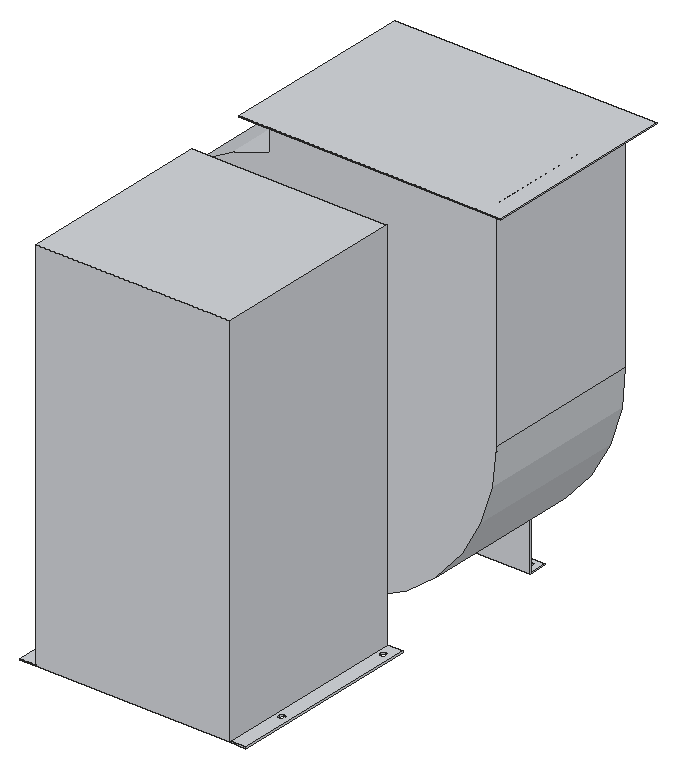
Revit family "CPFB_CCW_UBD", category Mechanical Equipment, Revit 2019
Family settings
  Round Connector Dimension = Use Radius
  Part Type = Normal
  Work Plane-Based = No
  Always vertical = Yes
  Cut with Voids When Loaded = No
  Shared = No
  Room Calculation Point = No
Parameters (values of type "250-CPFB_CCW_UBD")
  Z = 0' - 10 1/2"
  Y = 1' - 0 3/8"
  X = 2' - 7"
  W+M = W + M  # 1' - 11 1/8"
  W+1.5+K+L = W + 0' 1 1/2" + K + L  # 3' - 7 3/16"
  W+1.5 = W + 0' 1 1/2"  # 0' - 6 1/2"
  W = 0' - 5"
  V = 0' - 11 1/2"
  Unit Weight [instance] = ""
  U-.125 = U - 0' 0 1/8"  # 0' - 2"
  U = 0' - 2 1/8"
  T = 0' - 1"
  Sones [instance] = ""
  S/2 = S / 2  # 0' - 0 11/32"
  S = 0' - 0 11/16"
  R = 0' - 1"
  Q = 0' - 4"
  P-U = P - U  # 4' - 1 1/4"
  P = 4' - 3 3/8"
  N = 1' - 9 1/16"
  Motor RPM [instance] = ""
  Motor Enclosure [instance] = ""
  ModelID [instance] = ""
  M = 1' - 6 1/8"
  LwA [instance] = ""
  L = 1' - 9 11/16"
  K = 1' - 3"
  J = 1' - 11"
  H = 3' - 8 5/8"
  G-V = G - V  # 0' - 1 7/8"
  G = 1' - 1 3/8"
  Fan RPM [instance] = ""
  F-.125 = F - 0' 0 1/8"  # 1' - 7 3/4"
  F = 1' - 7 7/8"
  E-U = E - U  # 3' - 8 3/8"
  E-B-U = 3' - 1 5/16"
  E = 3' - 10 1/2"
  D = 2' - 5 5/8"
  C/8*7 = C / 8 * 2.5  # 0' - 9 51/256"
  C/8 = C / 6  # 0' - 4 29/32"
  C/2 = C / 2  # 1' - 2 23/32"
  C = 2' - 5 7/16"
  Brake Hp [instance] = ""
  B = 2' - 2 13/16"
  Accessories [instance] = ""
  A+.25 = A + 0' 0 1/4"  # 1' - 7"
  A = 1' - 6 3/4"
  CUT = 0' - 2"
  4" = 0' - 4"  # constant formula
  1'8" = 1' - 8"  # constant formula
  0 = 0' - 0"  # constant formula
  Voltage [instance] = 0 V
  URL = "www.lorencook.com"
  Type Comments = "Foward Curved Centrifugal Blower Counter-Clockwise Upblast Arrangement 10"  # constant formula
  Static Pressure [instance] = 0.00 in-wg
  Power [instance] = Voltage * Motor FLA * sqrt(if(Phase = 3, 3, 1))  # 0 VA
  Phase [instance] = 0
  Number of Poles [instance] = 1
  Motor Hp [instance] = "0"
  Motor FLA [instance] = 0 A
  Model = "CPFB_CCW_UBD"  # constant formula
  Manufacturer = "Loren Cook Company"
  CFM [instance] = 0 CFM
  1.5 = 0' - 1 1/2"  # constant formula
  ONE EIGTH = 0' - 0 1/8"  # constant formula
  -1.5 = -0' - 1 1/2"  # constant formula
  -.125 = -0' - 0 1/8"  # constant formula
  -(A+.25) = -(A + 0' 0 1/4")  # -1' - 7"
  (C/2)-1.5 = (C / 2) - 0' 1 1/2"  # 1' - 1 7/32"
  (C/2)-.25 = (C / 2) - 0' 0 1/4"  # 1' - 2 15/32"
Types (9): name | Z | Y | X | W+M | W+1.5+K+L | W+1.5 | W | V | U-.125 | U | T | S/2 | S | R | Q | P-U | P | N | M | L | K | J | H | G-V | G | F-.125 | F | E-U | E | D | C/8*7 | C/8 | C/2 | C | B | A+.25 | A | CUT | -(A+.25) | (C/2)-1.5 | (C/2)-.25
  (no name) | 0' - 10 1/2" | 1' - 0 3/8" | 2' - 7" | 1' - 11 1/8" | 3' - 7 3/16" | 0' - 6 1/2" | 0' - 5" | 0' - 11 1/2" | 0' - 2" | 0' - 2 1/8" | 0' - 1" | 0' - 0 11/32" | 0' - 0 11/16" | 0' - 1" | 0' - 4" | 4' - 1 1/4" | 4' - 3 3/8" | 1' - 9 1/16" | 1' - 6 1/8" | 1' - 9 11/16" | 1' - 3" | 1' - 11" | 3' - 8 5/8" | 0' - 1 7/8" | 1' - 1 3/8" | 1' - 7 3/4" | 1' - 7 7/8" | 3' - 8 3/8" | 3' - 10 1/2" | 2' - 5 5/8" | 0' - 9 51/256" | 0' - 4 29/32" | 1' - 2 23/32" | 2' - 5 7/16" | 2' - 2 13/16" | 1' - 7" | 1' - 6 3/4" | 0' - 2" | -1' - 7" | 1' - 1 7/32" | 1' - 2 15/32"
  150-CPFB_CCW_UBD | 0' - 6 9/16" | 0' - 8 5/8" | 1' - 7 5/8" | 1' - 7 1/8" | 2' - 7 5/8" | 0' - 5 1/2" | 0' - 4" | 0' - 8" | 0' - 1 1/2" | 0' - 1 5/8" | 0' - 0 3/4" | 0' - 0 9/32" | 0' - 0 9/16" | 0' - 0 3/4" | 0' - 3" | 2' - 8 3/4" | 2' - 10 3/8" | 1' - 1 1/4" | 1' - 3 1/8" | 1' - 2 1/8" | 1' - 0" | 1' - 2 5/8" | 2' - 5 1/16" | 0' - 1 3/8" | 0' - 9 3/8" | 1' - 0 1/16" | 1' - 0 3/16" | 2' - 2 7/8" | 2' - 4 1/2" | 1' - 7 1/16" | 0' - 5 125/128" | 0' - 3 3/16" | 0' - 9 9/16" | 1' - 7 1/8" | 1' - 4 7/16" | 0' - 11 11/16" | 0' - 11 7/16" | 0' - 2" | -0' - 11 11/16" | 0' - 8 1/16" | 0' - 9 5/16"
  180-CPFB_CCW_UBD | 0' - 7 3/4" | 0' - 9 5/8" | 1' - 10 7/8" | 1' - 7 1/8" | 2' - 9 15/16" | 0' - 5 1/2" | 0' - 4" | 0' - 9" | 0' - 1 1/2" | 0' - 1 5/8" | 0' - 0 3/4" | 0' - 0 9/32" | 0' - 0 9/16" | 0' - 1" | 0' - 3" | 3' - 2 1/16" | 3' - 3 11/16" | 1' - 3 9/16" | 1' - 3 1/8" | 1' - 4 7/16" | 1' - 0" | 1' - 4 15/16" | 2' - 9 9/16" | 0' - 1 3/8" | 0' - 10 3/8" | 1' - 2 1/2" | 1' - 2 5/8" | 2' - 8 9/16" | 2' - 10 3/16" | 1' - 10 1/16" | 0' - 7 23/256" | 0' - 3 25/32" | 0' - 11 11/32" | 1' - 10 11/16" | 1' - 7 11/16" | 1' - 2" | 1' - 1 3/4" | 0' - 2" | -1' - 2" | 0' - 9 27/32" | 0' - 11 3/32"
  220-CPFB_CCW_UBD | 0' - 9 7/16" | 0' - 11 1/8" | 2' - 3 13/16" | 1' - 11 1/8" | 3' - 5 3/8" | 0' - 6 1/2" | 0' - 5" | 0' - 10 1/2" | 0' - 1 1/2" | 0' - 1 5/8" | 0' - 0 3/4" | 0' - 0 9/32" | 0' - 0 9/16" | 0' - 1" | 0' - 4" | 3' - 10" | 3' - 11 5/8" | 1' - 7" | 1' - 6 1/8" | 1' - 7 7/8" | 1' - 3" | 1' - 8 7/16" | 3' - 5" | 0' - 1 3/8" | 0' - 11 7/8" | 1' - 6 3/16" | 1' - 6 5/16" | 3' - 5 1/8" | 3' - 6 3/4" | 2' - 3" | 0' - 8 147/256" | 0' - 4.57292" | 1' - 1 23/32" | 2' - 3 7/16" | 2' - 0 5/8" | 1' - 5 7/16" | 1' - 5 3/16" | 0' - 2" | -1' - 5 7/16" | 1' - 0 7/32" | 1' - 1 15/32"
  250-CPFB_CCW_UBD | 0' - 10 1/2" | 1' - 0 3/8" | 2' - 7" | 1' - 11 1/8" | 3' - 7 3/16" | 0' - 6 1/2" | 0' - 5" | 0' - 11 1/2" | 0' - 2" | 0' - 2 1/8" | 0' - 1" | 0' - 0 11/32" | 0' - 0 11/16" | 0' - 1" | 0' - 4" | 4' - 1 1/4" | 4' - 3 3/8" | 1' - 9 1/16" | 1' - 6 1/8" | 1' - 9 11/16" | 1' - 3" | 1' - 11" | 3' - 8 5/8" | 0' - 1 7/8" | 1' - 1 3/8" | 1' - 7 3/4" | 1' - 7 7/8" | 3' - 8 3/8" | 3' - 10 1/2" | 2' - 5 5/8" | 0' - 9 51/256" | 0' - 4 29/32" | 1' - 2 23/32" | 2' - 5 7/16" | 2' - 2 13/16" | 1' - 7" | 1' - 6 3/4" | 0' - 2" | -1' - 7" | 1' - 1 7/32" | 1' - 2 15/32"
  270-CPFB_CCW_UBD | 0' - 11 7/16" | 1' - 1 3/8" | 2' - 9 3/4" | 2' - 2 1/8" | 4' - 0 1/16" | 0' - 6 1/2" | 0' - 5" | 1' - 0 1/2" | 0' - 2" | 0' - 2 1/8" | 0' - 1" | 0' - 0 11/32" | 0' - 0 11/16" | 0' - 1" | 0' - 4" | 4' - 5 5/8" | 4' - 7 3/4" | 1' - 10 15/16" | 1' - 9 1/8" | 1' - 11 9/16" | 1' - 6" | 2' - 0 7/8" | 4' - 0 7/8" | 0' - 1 7/8" | 1' - 2 3/8" | 1' - 9 15/16" | 1' - 10 1/16" | 4' - 1 3/16" | 4' - 3 5/16" | 2' - 8 3/8" | 0' - 9 251/256" | 0' - 5.32292" | 1' - 3 31/32" | 2' - 7 15/16" | 2' - 5 9/16" | 1' - 8 7/8" | 1' - 8 5/8" | 0' - 2 1/4" | -1' - 8 7/8" | 1' - 2 15/32" | 1' - 3 23/32"
  300-CPFB_CCW_UBD | 1' - 0 5/8" | 1' - 2 5/16" | 3' - 1" | 2' - 2 3/16" | 4' - 2 1/2" | 0' - 6 1/2" | 0' - 5" | 1' - 1 1/2" | 0' - 2" | 0' - 2 1/8" | 0' - 1" | 0' - 0 11/32" | 0' - 0 11/16" | 0' - 1 3/16" | 0' - 4" | 4' - 11 3/8" | 5' - 1 1/2" | 2' - 1 5/16" | 1' - 9 3/16" | 2' - 2" | 1' - 6" | 2' - 3 3/16" | 4' - 5 5/8" | 0' - 1 13/16" | 1' - 3 5/16" | 2' - 0 1/4" | 2' - 0 3/8" | 4' - 6 7/8" | 4' - 9" | 2' - 11 5/8" | 0' - 10 235/256" | 0' - 5.82292" | 1' - 5 15/32" | 2' - 10 15/16" | 2' - 8 13/16" | 1' - 11 3/16" | 1' - 10 15/16" | 0' - 2 1/2" | -1' - 11 3/16" | 1' - 3 31/32" | 1' - 5 7/32"
  120-CPFB_CCW_UBD | 0' - 5 7/16" | 0' - 8 5/8" | 1' - 4 5/16" | 1' - 5 1/8" | 2' - 3 3/8" | 0' - 5 1/2" | 0' - 4" | 0' - 8" | 0' - 1 1/2" | 0' - 1 5/8" | 0' - 0 3/4" | 0' - 0 9/32" | 0' - 0 9/16" | 0' - 0 3/4" | 0' - 3" | 2' - 5 3/4" | 2' - 7 3/8" | 0' - 11" | 1' - 1 1/8" | 0' - 11 7/8" | 0' - 10" | 1' - 0 3/8" | 2' - 2 1/4" | 0' - 1 3/8" | 0' - 9 3/8" | 0' - 9 5/8" | 0' - 9 3/4" | 1' - 9 3/16" | 1' - 10 13/16" | 1' - 6" | 0' - 5 5/128" | 0' - 2 11/16" | 0' - 8 1/16" | 1' - 4 1/8" | 1' - 1 1/8" | 0' - 9 7/16" | 0' - 9 3/16" | 0' - 2 1/2" | -0' - 9 7/16" | 0' - 6 9/16" | 0' - 7 13/16"
  100-CPFB_CCW_UBD | 0' - 4 5/8" | 0' - 8 5/8" | 1' - 2 1/16" | 1' - 5 1/8" | 2' - 1 3/4" | 0' - 5 1/2" | 0' - 4" | 0' - 8" | 0' - 1 1/2" | 0' - 1 5/8" | 0' - 0 3/4" | 0' - 0 9/32" | 0' - 0 9/16" | 0' - 0 3/4" | 0' - 3" | 2' - 5 1/8" | 2' - 6 3/4" | 0' - 9 3/8" | 1' - 1 1/8" | 0' - 10 1/4" | 0' - 10" | 0' - 10 3/4" | 2' - 1 1/4" | 0' - 1 3/8" | 0' - 9 3/8" | 0' - 8" | 0' - 8 1/8" | 1' - 5 3/8" | 1' - 7" | 1' - 6" | 0' - 4 53/128" | 0' - 2.35417" | 0' - 7 1/16" | 1' - 2 1/8" | 0' - 10 15/16" | 0' - 7 13/16" | 0' - 7 9/16" | 0' - 3 1/2" | -0' - 7 13/16" | 0' - 5 9/16" | 0' - 6 13/16"
Reference planes (in)
  plane 1 "Center (Front/Back)": y = 0
  plane 2: z = 0
  plane 3 "Center (Left/Right)": x = 0.40541
Forms (in)
  Extrusion 1, solid
    sketch origin (0, 0, 0) x (1, 0, 0) y (0, 1, 0)
      loop
        line (-11.09459, 0) -> (-11.09459, -23.125) -> (11.90541, -23.125) -> (11.90541, 0) -> (-11.09459, 0)
    from 0 to 44.625 <- "H"
  Extrusion 2, solid
    sketch origin (0, 0, 0) x (1, 0, 0) y (0, 1, 0)
      loop
        line (-11.09459, 0) -> (-12.96959, 0) -> (-12.96959, -23.125) -> (-11.09459, -23.125) -> (-11.09459, 0)
      loop
        line (11.90541, 0) -> (11.90541, -23.125) -> (13.78041, -23.125) -> (13.78041, 0) -> (11.90541, 0)
    from 0 to 0.125 <- "ONE EIGTH"
  Extrusion 3, solid
    sketch origin (0, 0, 0) x (1, 0, 0) y (0, 1, 0)
      loop
        line (-12.96959, 21.0625) -> (-12.96959, 19) -> (13.78041, 19) -> (13.78041, 21.0625) -> (-12.96959, 21.0625)
    from 0 to 0.125 <- "ONE EIGTH"
  Extrusion 4, solid
    sketch origin (13.78041, 19, 0) x (-1, 0, 0) y (0, 0, -1)
      loop
        line (26.75, 0) -> (0, 0) -> (0, -29.625) -> (26.75, -29.625) -> (26.75, 0)
    from 0 to 0.125 <- "ONE EIGTH"
  Extrusion 5, void
    sketch origin (13.78041, 19, 0) x (1, 0, 0) y (0, 0, -1)
      loop
        circle (-13.375, -29.625) r 14.71875
    from -0.125 <- "-.125" to 0 <- "0"
  Extrusion 6, void
    sketch origin (0, 0, 0) x (1, 0, 0) y (0, 1, 0)
      loop
        circle (12.78041, -1.625) r 0.34375
      loop
        circle (12.78041, -16.625) r 0.34375
      loop
        circle (-11.96959, -16.625) r 0.34375
      loop
        circle (-11.96959, -1.625) r 0.34375
    from -12 to 12
  Extrusion 7, void
    sketch origin (0, 0, 0) x (1, 0, 0) y (0, 1, 0)
      loop
        circle (12.78041, 20.0625) r 0.34375
      loop
        circle (-11.96959, 20.0625) r 0.34375
    from -0.125 <- "-.125" to 0.125 <- "ONE EIGTH"
  Extrusion 8, solid
    sketch origin (13.78041, 18.875, 0) x (-1, 0, 0) y (0, 0, -1)
      loop
        circle (13.375, -29.625) r 14.71875
      loop
        circle (13.375, -29.625) r 14.46875
    from 0 to -1.5 <- "-1.5"
  Extrusion 9, solid
    sketch origin (0, 0, 0) x (1, 0, 0) y (0, 0, 1)
      loop
        arc (-1.90709, 47.375) -> (-11.24038, 8.42812) -> (24.90541, 25.6749) r 22.1875
        line (24.90541, 25.6749) -> (24.90541, 51.375) -> (-1.90709, 51.375) -> (-1.90709, 47.375)
    from 0 to -19 <- "-(A+.25)"
  Extrusion 10, solid
    sketch origin (-1.90709, 0, 51.375) x (1, 0, 0) y (0, 1, 0)
      loop
        line (-2.0625, -2) -> (28.9375, -2) -> (28.9375, 21) -> (-2.0625, 21) -> (-2.0625, -2)
    from 0 to 0.125 <- "ONE EIGTH"
  Revolve 11, void
    sketch origin (0.40541, 0, 0) x (0, 1, 0) y (0, 0, 1)
      loop
        line (19, 42.84375) -> (14.09375, 38.82422) -> (14.09375, 29.625) -> (19, 29.625) -> (19, 42.84375)
      axis (14.09375, 29.625) -> (19, 29.625)
    angle from 0 to 360
Cuts and joins
  Extrusion 5, Extrusion 7, Revolve 11 cuts Extrusion 4
  Extrusion 6 cuts Extrusion 1
  Extrusion 6 cuts Extrusion 2
  Extrusion 7 cuts Extrusion 3
  Revolve 11 cuts Extrusion 8
  Revolve 11 cuts Extrusion 9
Dimensions and locks (in)
  "0": Extrusion 1 sketch curve to plane 1 "Center (Front/Back)"
  "W+M": plane 1 "Center (Front/Back)" to Extrusion 1 sketch curve
  "V": plane 3 "Center (Left/Right)" to Extrusion 1 sketch curve
  "V": Extrusion 1 sketch curve to plane 3 "Center (Left/Right)"
  "0": Extrusion 2 sketch curve to plane 1 "Center (Front/Back)"  (x2)
  "0": Extrusion 1 to Extrusion 2 sketch curve  (x2)
  "0": Extrusion 2 sketch curve to Extrusion 1  (x2)
  "G-V": Extrusion 2 sketch curve to Extrusion 2 sketch curve  (x2)
  "N": plane 1 "Center (Front/Back)" to Extrusion 3 sketch curve
  "A+.25": Extrusion 3 sketch curve to plane 1 "Center (Front/Back)"
  "0": Extrusion 2 to Extrusion 3 sketch curve  (x2)
  "0": Extrusion 1 to Extrusion 4 sketch curve
  "D": Extrusion 4 sketch curve to Extrusion 4 sketch curve
  "0": Extrusion 4 sketch curve to Extrusion 2  (x2)
  "D": Extrusion 1 to Extrusion 5 sketch curve
  "V": Extrusion 1 to Extrusion 5 sketch curve
  "Y": plane 3 "Center (Left/Right)" to Extrusion 6 sketch curve  (x2)
  "Y": Extrusion 6 sketch curve to plane 3 "Center (Left/Right)"  (x2)
  "W+1.5": Extrusion 1 to Extrusion 6 sketch curve  (x2)
  "K": Extrusion 6 sketch curve to Extrusion 6 sketch curve  (x2)
  "W+1.5+K+L": cut or joined group of Extrusion 1, Extrusion 6 to Extrusion 7 sketch curve  (x2)
  "V": cut or joined group of Extrusion 1, Extrusion 6 to Extrusion 8 sketch curve  (x2)
  "D": Extrusion 8 sketch curve to cut or joined group of Extrusion 1, Extrusion 6  (x2)
  "T": Extrusion 7 sketch curve to cut or joined group of Extrusion 3, Extrusion 7
  "T": cut or joined group of Extrusion 3, Extrusion 7 to Extrusion 7 sketch curve
  "E-U": Extrusion 9 sketch curve to Extrusion 9 sketch curve
  "B": Extrusion 9 sketch curve to Extrusion 9 sketch curve
  "F": plane 3 "Center (Left/Right)" to Extrusion 9 sketch curve
  "P": Extrusion 9 sketch curve to level
  "X": Extrusion 10 sketch curve to Extrusion 10 sketch curve
  "U-.125": Extrusion 10 sketch curve to Extrusion 9
  "J": Extrusion 10 sketch curve to Extrusion 10 sketch curve
  "U": Extrusion 9 to Extrusion 10 sketch curve
  "4"": Extrusion 9 sketch curve to Extrusion 9 sketch curve
  "D": Revolve 11 sketch curve to level  (x2)
  "(C/2)-1.5": Revolve 11 sketch curve to Revolve 11 sketch curve
  "C/8": Revolve 11 sketch curve to Revolve 11 sketch curve
  "C/8*7": Revolve 11 sketch curve to Revolve 11 sketch curve
  "0": Revolve 11 sketch curve to Extrusion 9
  "C/2": radius of Extrusion 5 sketch curve
  "S/2": radius of Extrusion 6 sketch curve  (x4)
  "S/2": radius of Extrusion 7 sketch curve  (x2)
  "C/2": radius of Extrusion 8 sketch curve
  "(C/2)-.25": radius of Extrusion 8 sketch curve
Automatic sketch dimensions
  Revolve 11 sketch curve to Revolve 11 sketch curve = 0' - 0"
  Revolve 11 sketch curve to Revolve 11 sketch curve = 1' - 1"
Connectors (in)
  electrical at (-11.09459, -11.5625, 22.3125)
    settings: on cut or joined group of Extrusion 1, Extrusion 6, index 1, voltage 0 V, apparent load 0 VA, apparent load phase1 0 VA, apparent load phase2 0 VA, apparent load phase3 0 VA, power factor 1, load classification "Other", number of poles 1, system type 30, power factor state 1, is connector primary yes, connector utility no, sub classification motor no, connector description ""
  hvac at (0.40541, 20.375, 29.625), driven by "C/2"
    settings: on cut or joined group of Extrusion 8, Revolve 11, index 2, duct flow 0 CFM, flow factor 0, pres drop 0.00 in-wg, loss coef 0, conn angle 0.00°, conn width 12", conn height 12", conn diameter 29 7/16", duct sys type 29, conn prof type 0, flow config 0, flow direction 1, loss method 0, conn ref index -1, conn util no, is conn primary yes, conn desc ""
  hvac at (11.53041, 9.5, 51.375), driven by "B", driven by "A"
    settings: on Extrusion 10, index 3, duct flow 0 CFM, flow factor 0, pres drop 0.00 in-wg, loss coef 0, conn angle 0.00°, conn width 26 13/16", conn height 18 3/4", conn diameter 24", duct sys type 29, conn prof type 1, flow config 0, flow direction 2, loss method 0, conn ref index -1, conn util no, is conn primary no, conn desc ""
